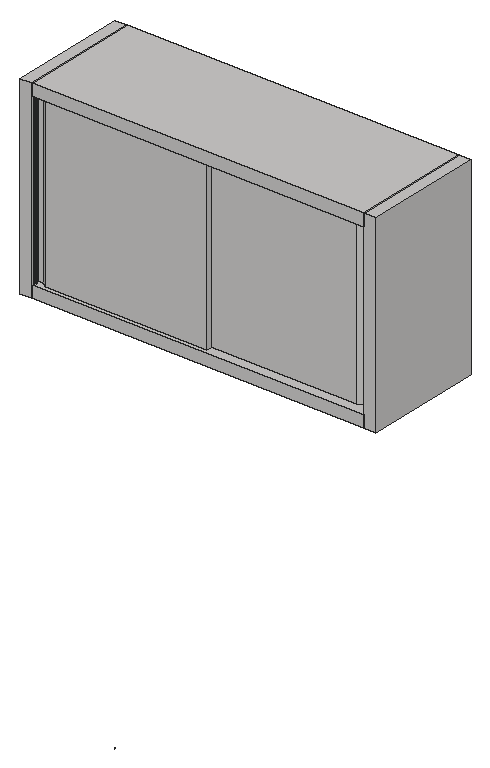
Revit family "QF_ELECTROLUXPROFESSIONAL_133210_PSS1200LCN", category Attrezzature speciali, Revit 2020
Family settings
  Quota connettore circolare = Usa diametro
  Tipo di parte = Normale
  Basato su piano di lavoro = No
  Sempre verticale = Sì
  Taglio con vuoti quando caricato = No
  Condiviso = No
  Punto di calcolo locali = No
Parameters (values of type "Standard")
  Weight = 29.00 kg
  Watts = 0 W
  Volts = 0 V
  URL Manufacturer = "https://www.electroluxprofessional.com/"
  URL = "https://www.electroluxprofessional.com/"
  Steam Supply Size = 0 mm
  Steam Supply Minimum Pressure = 0.0 Pa
  Steam Supply Maximum Pressure = 0.0 Pa
  Steam Consumption per Hour = 0
  Refrigeration Suction Line Size = 0.0 mm
  Refrigeration Liquid Line Size = 0.0 mm
  Refrigerant Compressor Remote = yes
  Prospetto di default = 0.0 mm
  Phase = 0
  Modello = "PSS1200LCN"
  Produttore = "Electrolux Professional"
  Length Actual = 1200.0 mm  # constant formula
  Item Number = "133210"
  Hot Water Size = 0 mm
  Height Actual = 650.0 mm  # constant formula
  HP = "0 HP"
  Gas Size = 0 mm
  Gas KW = 0
  Gas Input Pressure = 0 W
  Direct Waste Size = 0 mm
  Descrizione = "WALL CUPBOARD+ PLATE RACK 2 DOORS 1200MM"
  Depth Actual = 400.0 mm  # constant formula
  Cycle = 0 Hz
  Condensate Return Size = 0 mm
  Compressed Air Volume = 0.0 L/s
  Compressed Air Size = 0 mm
  Compressed Air Pressure = 0.0 Pa
  Cold Water Size = 0 mm
  Accessory = yes
Reference planes
  plane 1 "Center (Front/Back)": y = 0
  plane 2: z = 0
  plane 3 "Center (Left/Right)": x = -300
  plane 4 "LEFT": x = -900
  plane 5 "RIGHT": x = 300
  plane 6 "BACK": y = 200
  plane 7 "FRONT": y = -200
  plane 8 "Base": z = 2200
  plane 9 "BASE": z = 1550
  plane 10: x = -860
  plane 11: x = 260
  plane 12: y = -197
  plane 13: y = 150
  plane 14: y = 197
Forms (mm)
  Extrusion 1, solid, material "QF_Finishes_Stainless Steel"
    sketch origin (0, 0, 1550) x (-1, 0, 0) y (0, -1, 0)
      loop
        line (900, -200) -> (900, 200) -> (860, 200) -> (860, -200) -> (900, -200)
      loop
        line (-260, -200) -> (-260, 200) -> (-300, 200) -> (-300, -200) -> (-260, -200)
    from 0 to 650
  Extrusion 2, solid, material "QF_Finishes_Stainless Steel"
    sketch origin (0, 0, 1550) x (-1, 0, 0) y (0, -1, 0)
      loop
        line (860, -150) -> (860, 200) -> (-260, 200) -> (-260, -150) -> (860, -150)
    from 0 to 40
  Extrusion 3, solid, material "QF_Finishes_Stainless Steel"
    sketch origin (0, 0, 0) x (1, 0, 0) y (0, 1, 0)
      loop
        line (-860, -200) -> (260, -200) -> (260, 200) -> (-860, 200) -> (-860, -200)
    from 2160 to 2200
  Extrusion 4, solid, material "QF_Finishes_Stainless Steel"
    sketch origin (0, 0, 0) x (1, 0, 0) y (0, 1, 0)
      loop
        line (-273.481, -197) -> (-273.481, -177) -> (-857, -177) -> (-857, -197) -> (-847, -197) -> (-847, -194) -> (-854, -194) -> (-854, -182) -> (-837, -182) -> (-817, -197) -> (-273.481, -197)
    from 1597 to 2160
  Extrusion 5, solid, material "QF_Finishes_Stainless Steel"
    sketch origin (0, 0, 0) x (1, 0, 0) y (0, 1, 0)
      loop
        line (-326.5, -177) -> (217, -177) -> (237, -162) -> (254, -162) -> (254, -174) -> (247, -174) -> (247, -177) -> (257, -177) -> (257, -157) -> (-326.5, -157) -> (-326.5, -177)
    from 2160 to 1597
  Extrusion 6, solid, material "QF_Finishes_Stainless Steel"
    sketch origin (0, 0, 0) x (1, 0, 0) y (0, 1, 0)
      loop
        line (-273.481, 197) -> (-817, 197) -> (-837, 182) -> (-854, 182) -> (-854, 194) -> (-847, 194) -> (-847, 197) -> (-857, 197) -> (-857, 177) -> (-273.481, 177) -> (-273.481, 197)
    from 1597 to 2160
  Extrusion 7, solid, material "QF_Finishes_Stainless Steel"
    sketch origin (0, 0, 0) x (1, 0, 0) y (0, 1, 0)
      loop
        line (-326.5, 177) -> (-326.5, 157) -> (257, 157) -> (257, 177) -> (247, 177) -> (247, 174) -> (254, 174) -> (254, 162) -> (237, 162) -> (217, 177) -> (-326.5, 177)
    from 2160 to 1597
  Extrusion 8, solid, material "QF_Finishes_Stainless Steel"
    sketch origin (0, 0, 0) x (1, 0, 0) y (0, 1, 0)
      loop
        line (-900, 200) -> (-900, 199) -> (-899, 199) -> (-899, 200) -> (-900, 200)
    from 0 to 1
Lines and regions (mm)
  symbolic lines, style "SpecialityEquipmentHiddenLines"
    curve 1: line (257, -157, 0) -> (-326.5, -157, 0)
    curve 2: line (-326.5, -157, 0) -> (-326.5, -177, 0)
    curve 3: line (217, -177, 0) -> (-857, -177, 0)
    curve 4: line (-273.5, -177, 0) -> (-273.5, -197, 0)
    curve 5: line (-857, -177, 0) -> (-857, -197, 0)
    curve 6: line (-846, -182, 0) -> (-854, -182, 0)
    curve 20: line (257, 157, 0) -> (-326.5, 157, 0)
    curve 21: line (-326.5, 157, 0) -> (-326.5, 177, 0)
    curve 22: line (217, 177, 0) -> (-857, 177, 0)
    curve 23: line (-273.5, 177, 0) -> (-273.5, 197, 0)
    curve 24: line (-857, 177, 0) -> (-857, 197, 0)
    curve 25: line (-846, 182, 0) -> (-854, 182, 0)
    curve 41: line (-817, -197, 0) -> (-273.5, -197, 0)
    curve 42: line (-857, -197, 0) -> (-847, -197, 0)
    curve 43: line (-847, 197, 0) -> (-857, 197, 0)
    curve 44: line (-817, 197, 0) -> (-273.5, 197, 0)
  symbolic lines
    curve 7: line (-900, 200, 0) -> (300, -200, 0)
    curve 8: line (300, 200, 0) -> (-900, -200, 0)
    curve 9: line (-846, -182, 0) -> (-817, -197, 0)
    curve 10: line (-854, -182, 0) -> (-854, -194, 0)
    curve 11: line (-854, -194, 0) -> (-847, -194, 0)
    curve 12: line (-847, -194, 0) -> (-847, -197, 0)
    curve 13: line (257, -157, 0) -> (257, -177, 0)
    curve 14: line (257, -177, 0) -> (247, -177, 0)
    curve 15: line (247, -177, 0) -> (247, -174, 0)
    curve 16: line (247, -174, 0) -> (254, -174, 0)
    curve 17: line (254, -174, 0) -> (254, -162, 0)
    curve 18: line (254, -162, 0) -> (237, -162, 0)
    curve 19: line (217, -177, 0) -> (237, -162, 0)
    curve 26: line (-846, 182, 0) -> (-817, 197, 0)
    curve 27: line (-854, 182, 0) -> (-854, 194, 0)
    curve 28: line (-854, 194, 0) -> (-847, 194, 0)
    curve 29: line (-847, 194, 0) -> (-847, 197, 0)
    curve 30: line (257, 157, 0) -> (257, 177, 0)
    curve 31: line (257, 177, 0) -> (247, 177, 0)
    curve 32: line (247, 177, 0) -> (247, 174, 0)
    curve 33: line (247, 174, 0) -> (254, 174, 0)
    curve 34: line (254, 174, 0) -> (254, 162, 0)
    curve 35: line (254, 162, 0) -> (237, 162, 0)
    curve 36: line (217, 177, 0) -> (237, 162, 0)
    curve 37: line (-900, 200, 0) -> (300, 200, 0)
    curve 38: line (-900, -200, 0) -> (-900, 200, 0)
    curve 39: line (300, -200, 0) -> (-900, -200, 0)
    curve 40: line (300, 200, 0) -> (300, -200, 0)
Dimensions and locks
  plane 4 "LEFT" to plane 5 "RIGHT" = 1200.0 mm
  equal spacing: plane 4 "LEFT", plane 3 "Center (Left/Right)", plane 5 "RIGHT"
  plane 6 "BACK" to plane 7 "FRONT" = 400.0 mm
  equal spacing: plane 6 "BACK", plane 1 "Center (Front/Back)", plane 7 "FRONT"
  plane 9 "BASE" to level = 1550.0 mm
  locked: plane 4 "LEFT" to plane 10 at 40
  locked: plane 11 to plane 5 "RIGHT" at 40
  plane 12 to plane 7 "FRONT" = 3.0 mm
  plane 6 "BACK" to plane 13 = 50.0 mm
  locked: plane 8 "Base" to plane 9 "BASE" at 650
  aligned and locked: level to plane 2
  aligned and locked: plane 8 "Base" to Extrusion 1
  aligned and locked: plane 6 "BACK" to Extrusion 1 sketch curve
  aligned and locked: Extrusion 1 sketch curve to plane 6 "BACK"
  aligned and locked: plane 7 "FRONT" to Extrusion 1 sketch curve
  aligned and locked: Extrusion 1 sketch curve to plane 7 "FRONT"
  aligned and locked: plane 10 to Extrusion 1
  aligned and locked: Extrusion 1 to plane 11
  aligned and locked: Extrusion 2 to plane 10
  aligned and locked: plane 11 to Extrusion 2
  aligned and locked: plane 8 "Base" to Extrusion 3
  aligned and locked: Extrusion 2 to plane 13
  aligned and locked: Extrusion 3 to plane 7 "FRONT"
  aligned and locked: Extrusion 2 to plane 7 "FRONT"
Automatic sketch dimensions
  Extrusion 1 sketch curve to plane 5 "RIGHT" = 0.0 mm
  Extrusion 1 sketch curve to plane 11 = 0.0 mm
  Extrusion 1 sketch curve to plane 10 = 0.0 mm
  Extrusion 1 sketch curve to plane 4 "LEFT" = 0.0 mm
  Extrusion 2 sketch curve to plane 11 = 0.0 mm
  Extrusion 2 sketch curve to plane 10 = 0.0 mm
  plane 13 to Extrusion 2 sketch curve = 0.0 mm
  Extrusion 2 sketch curve to plane 12 = 3.0 mm
  Extrusion 3 sketch curve to plane 10 = 0.0 mm
  Extrusion 3 sketch curve to plane 11 = 0.0 mm
  Extrusion 3 sketch curve to plane 12 = 3.0 mm
  Extrusion 3 sketch curve to plane 14 = 3.0 mm
  Extrusion 4 sketch curve to plane 12 = 0.0 mm  (x2)
  plane 10 to Extrusion 4 sketch curve = 3.0 mm
  Extrusion 4 sketch curve to Extrusion 4 sketch curve = 3.0 mm
  Extrusion 4 sketch curve to Extrusion 4 sketch curve = 7.0 mm
  Extrusion 4 sketch curve to Extrusion 4 sketch curve = 10.0 mm
  plane 3 "Center (Left/Right)" to Extrusion 4 sketch curve = 26.519 mm
  plane 12 to Extrusion 4 sketch curve = 3.0 mm
  Extrusion 4 sketch curve to Extrusion 4 sketch curve = 12.0 mm
  Extrusion 4 sketch curve to Extrusion 4 sketch curve = 20.0 mm  (x2)
  Extrusion 4 sketch curve to Extrusion 4 sketch curve = 0.0 mm
  Extrusion 5 sketch curve to plane 3 "Center (Left/Right)" = 26.5 mm
  plane 12 to Extrusion 5 sketch curve = 20.0 mm  (x2)
  Extrusion 5 sketch curve to plane 11 = 43.0 mm
  Extrusion 5 sketch curve to plane 11 = 23.0 mm
  Extrusion 5 sketch curve to plane 11 = 13.0 mm
  Extrusion 5 sketch curve to plane 11 = 6.0 mm
  Extrusion 5 sketch curve to plane 11 = 3.0 mm
  Extrusion 5 sketch curve to Extrusion 5 sketch curve = 3.0 mm
  Extrusion 5 sketch curve to Extrusion 5 sketch curve = 12.0 mm
  Extrusion 5 sketch curve to Extrusion 5 sketch curve = 20.0 mm
  plane 14 to Extrusion 6 sketch curve = 0.0 mm  (x2)
  Extrusion 6 sketch curve to plane 10 = 3.0 mm
  Extrusion 6 sketch curve to Extrusion 6 sketch curve = 3.0 mm
  Extrusion 6 sketch curve to Extrusion 6 sketch curve = 7.0 mm
  Extrusion 6 sketch curve to Extrusion 6 sketch curve = 10.0 mm
  Extrusion 6 sketch curve to plane 3 "Center (Left/Right)" = 26.519 mm
  Extrusion 6 sketch curve to plane 14 = 3.0 mm
  Extrusion 6 sketch curve to Extrusion 6 sketch curve = 12.0 mm
  Extrusion 6 sketch curve to Extrusion 6 sketch curve = 20.0 mm  (x2)
  Extrusion 6 sketch curve to Extrusion 6 sketch curve = 0.0 mm
  plane 3 "Center (Left/Right)" to Extrusion 7 sketch curve = 26.5 mm
  Extrusion 7 sketch curve to plane 14 = 20.0 mm  (x2)
  plane 11 to Extrusion 7 sketch curve = 43.0 mm
  plane 11 to Extrusion 7 sketch curve = 23.0 mm
  plane 11 to Extrusion 7 sketch curve = 13.0 mm
  plane 11 to Extrusion 7 sketch curve = 6.0 mm
  plane 11 to Extrusion 7 sketch curve = 3.0 mm
  Extrusion 7 sketch curve to Extrusion 7 sketch curve = 3.0 mm
  Extrusion 7 sketch curve to Extrusion 7 sketch curve = 12.0 mm
  plane 13 to Extrusion 7 sketch curve = 7.0 mm
  Extrusion 8 sketch curve to plane 6 "BACK" = 0.0 mm
  Extrusion 8 sketch curve to plane 4 "LEFT" = 0.0 mm
  plane 4 "LEFT" to Extrusion 8 sketch curve = 1.0 mm
  Extrusion 8 sketch curve to plane 6 "BACK" = 1.0 mm
  curve 39 to plane 4 "LEFT" = 0.0 mm
  curve 5 to plane 12 = 0.0 mm
  plane 14 to curve 24 = 0.0 mm
  curve 41 to plane 12 = 0.0 mm
  plane 14 to curve 26 = 0.0 mm
  curve 40 to plane 5 "RIGHT" = 0.0 mm
  curve 7 to plane 7 "FRONT" = 0.0 mm
  curve 7 to plane 6 "BACK" = 0.0 mm
  plane 10 to curve 24 = 3.0 mm
  plane 10 to curve 5 = 3.0 mm
  curve 24 to curve 27 = 3.0 mm
  curve 3 to curve 6 = 3.0 mm
  plane 12 to curve 12 = 3.0 mm
  curve 10 to curve 12 = 7.0 mm
  curve 27 to curve 29 = 7.0 mm
  curve 12 to curve 41 = 30.0 mm
  curve 29 to curve 26 = 30.0 mm
  curve 1 to plane 3 "Center (Left/Right)" = 26.5 mm
  curve 20 to plane 13 = 7.0 mm
  curve 20 to plane 3 "Center (Left/Right)" = 26.5 mm
  plane 3 "Center (Left/Right)" to curve 23 = 26.5 mm
  plane 3 "Center (Left/Right)" to curve 41 = 26.5 mm
  plane 12 to curve 3 = 20.0 mm
  curve 3 to plane 11 = 43.0 mm
  plane 14 to curve 36 = 20.0 mm
  curve 36 to plane 11 = 43.0 mm
  curve 36 to plane 11 = 23.0 mm
  curve 18 to plane 11 = 23.0 mm
  curve 14 to plane 11 = 13.0 mm
  curve 31 to plane 11 = 13.0 mm
  curve 34 to plane 11 = 6.0 mm
  curve 17 to plane 11 = 6.0 mm
  curve 31 to plane 11 = 3.0 mm
  curve 13 to plane 11 = 3.0 mm
  curve 6 to curve 3 = 5.0 mm
  plane 12 to curve 13 = 20.0 mm
  curve 14 to curve 16 = 3.0 mm
  curve 15 to curve 19 = 12.0 mm
  curve 2 to curve 2 = 20.0 mm
  curve 20 to curve 35 = 5.0 mm
  curve 34 to curve 33 = 12.0 mm
  curve 33 to curve 30 = 3.0 mm
  curve 22 to curve 25 = 5.0 mm
  plane 14 to curve 28 = 3.0 mm
  plane 14 to curve 26 = 15.0 mm
  plane 12 to curve 9 = 15.0 mm
